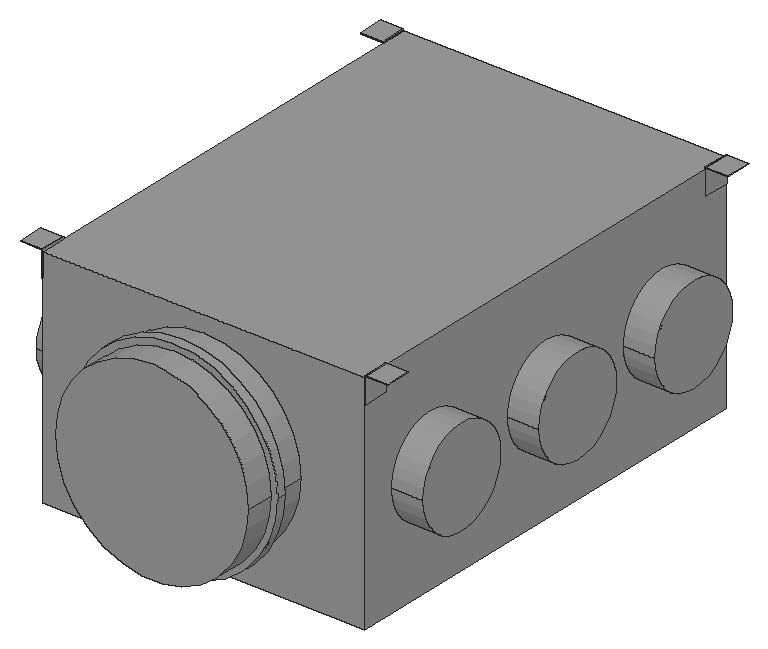
Revit family "FASU(F6-150 300Φ)", category ダクト付属品, Revit 2021
Family settings
  丸型コネクタ寸法 = 直径を使用
  パーツ タイプ = ダンパー
  OmniClass 番号 = 23.75.00.00
  OmniClass タイトル = Climate Control (HVAC)
  作業面ベース = いいえ
  常に垂直 = はい
  ロード時にボイドで切り取り = いいえ
  共有 = いいえ
Parameters
  高さ = 350 mm
  風量 = 0.0 L/s
  符号 = "FASU"
  形式 = "F6-150 300φ"
  幅 [instance] = 500 mm
  奥行き = 700 mm
  大きさ = 250 mm
  呼称 = "FASUチャンバー"
  付属品_下端レベル [instance] = 0 mm
  マテリアル [instance] = 既定値
  ダクト_イン = 300 mm
  ダクト_アウト = 150 mm
  既定の高さ = 0 mm
Reference planes
  plane 1 "中心(正面/背面)": y = 0
  plane 2: z = 0
  plane 3 "中心(左/右)": x = 0
  plane 4: x = -250
  plane 5: x = 250
  plane 6: y = -700
  plane 7: z = 350
  plane 8: z = 175
  plane 9: z = 266.963
  plane 10: z = 86.159
  plane 11: x = -251
  plane 12: z = 313.122
  plane 13: z = 352.122
  plane 14: y = -350
Forms (mm)
  Extrusion 1, solid, material "既定値" <- "マテリアル"
    sketch origin (0, 0, 0) x (1, 0, 0) y (0, 1, 0)
      loop
        line (-250, 0) -> (-250, -700) -> (250, -700) -> (250, 0) -> (-250, 0)
    from 0 to 350
  Extrusion 2, solid, material "既定値" <- "マテリアル"
    sketch origin (0, -30, 0) x (1, 0, 0) y (0, 1, 0)
      loop
        line (-250, 30) -> (-251, 30) -> (-251, -10) -> (-250, -10) -> (-250, 30)
    from 313.122 to 350
  Extrusion 3, solid, material "既定値" <- "マテリアル"
    sketch origin (0, -30, 0) x (1, 0, 0) y (0, 1, 0)
      loop
        line (-285, 30) -> (-285, -10) -> (-251, -10) -> (-251, 30) -> (-285, 30)
    from 352.122 to 350
  Extrusion 4, solid, material "既定値" <- "マテリアル"
    sketch origin (0, -30, 0) x (-1, 0, 0) y (0, -1, 0)
      loop
        line (-250, -30) -> (-250, 10) -> (-251, 10) -> (-251, -30) -> (-250, -30)
    from 313.122 to 353.122
  Extrusion 5, solid, material "既定値" <- "マテリアル"
    sketch origin (0, -30, 0) x (-1, 0, 0) y (0, -1, 0)
      loop
        line (-285, -30) -> (-251, -30) -> (-251, 10) -> (-285, 10) -> (-285, -30)
    from 352.122 to 353.122
  Extrusion 6, solid, material "既定値" <- "マテリアル"
    sketch origin (0, -490, 0) x (1, 0, 0) y (0, 1, 0)
      loop
        line (-285, -170) -> (-285, -210) -> (-251, -210) -> (-251, -170) -> (-285, -170)
    from 352.122 to 353.122
  Extrusion 7, solid, material "既定値" <- "マテリアル"
    sketch origin (0, -490, 0) x (1, 0, 0) y (0, 1, 0)
      loop
        line (-250, -170) -> (-251, -170) -> (-251, -210) -> (-250, -210) -> (-250, -170)
    from 313.122 to 353.122
  Extrusion 8, solid, material "既定値" <- "マテリアル"
    sketch origin (0, -490, 0) x (-1, 0, 0) y (0, -1, 0)
      loop
        line (-285, 170) -> (-251, 170) -> (-251, 210) -> (-285, 210) -> (-285, 170)
    from 352.122 to 353.122
  Extrusion 9, solid, material "既定値" <- "マテリアル"
    sketch origin (0, -490, 0) x (-1, 0, 0) y (0, -1, 0)
      loop
        line (-250, 170) -> (-250, 210) -> (-251, 210) -> (-251, 170) -> (-250, 170)
    from 313.122 to 353.122
  Extrusion 10, solid, material "既定値" <- "マテリアル"
    sketch origin (550, -582.5, 0) x (0, -1, 0) y (0, 0, -1)
      loop
        circle (-232.5, -175) r 74.985
    from -300 to -250
  Extrusion 11, solid, material "既定値" <- "マテリアル"
    sketch origin (-550, -582.5, 0) x (0, -1, 0) y (0, 0, 1)
      loop
        circle (-232.5, 175) r 74.985
    from -300 to -250
  Extrusion 12, solid, material "既定値" <- "マテリアル"
    sketch origin (0, -700, 0) x (1, 0, 0) y (0, 0, 1)
      loop
        circle (0, 175) r 150
    from 0 to 42.5
  Extrusion 13, solid, material "既定値" <- "マテリアル"
    sketch origin (0, -743, 0) x (1, 0, 0) y (0, 0, 1)
      loop
        circle (0, 175) r 160
    from -0.5 to 14.5
  Extrusion 14, solid, material "既定値" <- "マテリアル"
    sketch origin (0, -757.5, 0) x (1, 0, 0) y (0, 0, 1)
      loop
        circle (0, 175) r 150
    from 0 to 42.5
  Extrusion 15, solid, material "既定値" <- "マテリアル"
    sketch origin (550, -357.5, 0) x (0, -1, 0) y (0, 0, -1)
      loop
        circle (-232.5, -175) r 74.985
    from -300 to -250
  Extrusion 16, solid, material "既定値" <- "マテリアル"
    sketch origin (-550, -357.5, 0) x (0, -1, 0) y (0, 0, 1)
      loop
        circle (-232.5, 175) r 74.985
    from -300 to -250
  Extrusion 17, solid, material "既定値" <- "マテリアル"
    sketch origin (550, -142.5, 0) x (0, 1, 0) y (0, 0, 1)
      loop
        circle (-432.5, 175) r 74.985
    from -300 to -250
  Extrusion 18, solid, material "既定値" <- "マテリアル"
    sketch origin (0, -142.5, 0) x (0, 1, 0) y (0, 0, 1)
      loop
        circle (-432.5, 175) r 74.985
    from -300 to -250
Lines and regions (mm)
  model lines
    curve 1: line (-250, -30, 0) -> (250, -30, 0)
    curve 2: line (-250, -670, 0) -> (250, -670, 0)
Text (mm)
  text "FASU(F6-150 300Φ)" at (3.713, -630.412, 0), in view "参照レベル"
Dimensions and locks
  equal spacing: plane 4, plane 3 "中心(左/右)", plane 5
  "幅": plane 4 to plane 5
  "奥行き": plane 6 to plane 1 "中心(正面/背面)"
  "高さ": plane 7 to level
  equal spacing: plane 7, plane 8, level
  equal spacing: plane 6, plane 14, plane 1 "中心(正面/背面)"
  aligned and locked: level to plane 2
  aligned and locked: Extrusion 1 sketch curve to plane 5
  aligned and locked: plane 7 to Extrusion 1
  aligned and locked: Extrusion 2 sketch curve to Extrusion 1
  aligned and locked: plane 7 to Extrusion 2
  aligned and locked: Extrusion 3 sketch curve to Extrusion 2
  aligned and locked: Extrusion 2 to Extrusion 3 sketch curve
  aligned and locked: plane 7 to Extrusion 3
  aligned and locked: Extrusion 3 to plane 13
  aligned and locked: Extrusion 4 to Extrusion 5 sketch curve
  aligned and locked: Extrusion 5 sketch curve to Extrusion 4
  aligned and locked: Extrusion 1 to Extrusion 8
  aligned and locked: Extrusion 6 to Extrusion 1
  aligned and locked: Extrusion 7 to Extrusion 1
  aligned and locked: Extrusion 1 to Extrusion 9
  aligned and locked: Extrusion 9 to Extrusion 8
  aligned and locked: Extrusion 7 to Extrusion 6
  aligned and locked: plane 4 to Extrusion 7
  aligned and locked: Extrusion 9 to plane 5
  aligned and locked: plane 4 to curve 1
  aligned and locked: plane 5 to curve 1
  aligned and locked: plane 5 to curve 2
  aligned and locked: Extrusion 1 to Extrusion 3
  aligned and locked: Extrusion 5 to Extrusion 1
  aligned and locked: Extrusion 4 to plane 5
  aligned and locked: Extrusion 1 to plane 6
  aligned and locked: Extrusion 1 to plane 1 "中心(正面/背面)"
  aligned and locked: plane 6 to Extrusion 12
  aligned and locked: Extrusion 15 to plane 5
  aligned and locked: plane 4 to Extrusion 16
  aligned and locked: Extrusion 17 to plane 5
  aligned and locked: plane 4 to Extrusion 18
Automatic sketch dimensions
  curve 2 to plane 4 = 0 mm
  plane 6 to curve 2 = 30 mm
  plane 1 "中心(正面/背面)" to curve 1 = 30 mm
  Extrusion 1 sketch curve to plane 4 = 0 mm
  Extrusion 1 sketch curve to plane 6 = 0 mm
  plane 1 "中心(正面/背面)" to Extrusion 1 sketch curve = 0 mm
  plane 1 "中心(正面/背面)" to Extrusion 2 sketch curve = 0 mm
  Extrusion 2 sketch curve to plane 11 = 0 mm
  Extrusion 2 sketch curve to Extrusion 2 sketch curve = 40 mm
  plane 1 "中心(正面/背面)" to Extrusion 3 sketch curve = 0 mm
  Extrusion 3 sketch curve to Extrusion 3 sketch curve = 34 mm
  plane 1 "中心(正面/背面)" to Extrusion 4 sketch curve = 0 mm
  Extrusion 4 sketch curve to plane 5 = 0 mm
  Extrusion 4 sketch curve to Extrusion 4 sketch curve = 1 mm
  Extrusion 4 sketch curve to Extrusion 4 sketch curve = 40 mm
  plane 1 "中心(正面/背面)" to Extrusion 5 sketch curve = 0 mm
  Extrusion 5 sketch curve to Extrusion 5 sketch curve = 34 mm
  Extrusion 6 sketch curve to plane 6 = 0 mm
  Extrusion 6 sketch curve to plane 11 = 0 mm
  Extrusion 6 sketch curve to plane 11 = 34 mm
  plane 6 to Extrusion 6 sketch curve = 40 mm
  Extrusion 7 sketch curve to plane 11 = 0 mm
  Extrusion 7 sketch curve to plane 4 = 0 mm
  Extrusion 7 sketch curve to plane 6 = 0 mm
  plane 6 to Extrusion 7 sketch curve = 40 mm
  Extrusion 8 sketch curve to plane 6 = 0 mm
  Extrusion 8 sketch curve to plane 5 = 35 mm
  Extrusion 8 sketch curve to plane 5 = 1 mm
  Extrusion 8 sketch curve to Extrusion 8 sketch curve = 40 mm
  Extrusion 9 sketch curve to plane 6 = 0 mm
  Extrusion 9 sketch curve to plane 5 = 0 mm
  Extrusion 9 sketch curve to Extrusion 9 sketch curve = 1 mm
  Extrusion 9 sketch curve to Extrusion 9 sketch curve = 40 mm
  Extrusion 10 sketch curve to plane 8 = 0 mm
  Extrusion 10 sketch curve to plane 14 = 0 mm
  Extrusion 11 sketch curve to plane 8 = 0 mm
  Extrusion 11 sketch curve to plane 14 = 0 mm
  Extrusion 12 sketch curve to plane 3 "中心(左/右)" = 0 mm
  Extrusion 12 sketch curve to plane 8 = 0 mm
  Extrusion 13 sketch curve to plane 3 "中心(左/右)" = 0 mm
  Extrusion 13 sketch curve to plane 8 = 0 mm
  Extrusion 14 sketch curve to plane 3 "中心(左/右)" = 0 mm
  Extrusion 14 sketch curve to plane 8 = 0 mm
  Extrusion 15 sketch curve to plane 8 = 0 mm
  plane 1 "中心(正面/背面)" to Extrusion 15 sketch curve = 125 mm
  Extrusion 16 sketch curve to plane 8 = 0 mm
  plane 1 "中心(正面/背面)" to Extrusion 16 sketch curve = 125 mm
  Extrusion 17 sketch curve to plane 8 = 0 mm
  plane 6 to Extrusion 17 sketch curve = 125 mm
  Extrusion 18 sketch curve to plane 8 = 0 mm
  plane 6 to Extrusion 18 sketch curve = 125 mm
  radius of Extrusion 10 sketch curve = 74.985 mm
  radius of Extrusion 11 sketch curve = 74.985 mm
  radius of Extrusion 12 sketch curve = 150 mm
  radius of Extrusion 13 sketch curve = 160 mm
  radius of Extrusion 14 sketch curve = 150 mm
  radius of Extrusion 15 sketch curve = 74.985 mm
  radius of Extrusion 16 sketch curve = 74.985 mm
  radius of Extrusion 17 sketch curve = 74.985 mm
  radius of Extrusion 18 sketch curve = 74.985 mm
Connectors
  hvac at (-300, -575, 175), driven by "ダクト_アウト"
    settings: on Extrusion 18, index 1, duct flow 0.0 L/s, flow factor 0, pres drop 0.0 Pa, loss coef 0, conn angle 0.00°, conn width 304.8 mm, conn height 304.8 mm, conn diameter 150 mm, duct sys type 29, conn prof type 0, flow config 0, flow direction 2, loss method 0, conn ref index -1, conn util no, is conn primary yes, conn desc ""
  hvac at (-300, -350, 175), driven by "ダクト_アウト"
    settings: on Extrusion 11, index 2, duct flow 0.0 L/s, flow factor 0, pres drop 0.0 Pa, loss coef 0, conn angle 0.00°, conn width 304.8 mm, conn height 304.8 mm, conn diameter 150 mm, duct sys type 29, conn prof type 0, flow config 0, flow direction 2, loss method 0, conn ref index -1, conn util no, is conn primary no, conn desc ""
  hvac at (-300, -125, 175), driven by "ダクト_アウト"
    settings: on Extrusion 16, index 3, duct flow 0.0 L/s, flow factor 0, pres drop 0.0 Pa, loss coef 0, conn angle 0.00°, conn width 304.8 mm, conn height 304.8 mm, conn diameter 150 mm, duct sys type 29, conn prof type 0, flow config 0, flow direction 2, loss method 0, conn ref index -1, conn util no, is conn primary no, conn desc ""
  hvac at (300, -575, 175), driven by "ダクト_アウト"
    settings: on Extrusion 17, index 4, duct flow 0.0 L/s, flow factor 0, pres drop 0.0 Pa, loss coef 0, conn angle 0.00°, conn width 304.8 mm, conn height 304.8 mm, conn diameter 150 mm, duct sys type 29, conn prof type 0, flow config 0, flow direction 2, loss method 0, conn ref index -1, conn util no, is conn primary no, conn desc ""
  hvac at (300, -350, 175), driven by "ダクト_アウト"
    settings: on Extrusion 10, index 5, duct flow 0.0 L/s, flow factor 0, pres drop 0.0 Pa, loss coef 0, conn angle 0.00°, conn width 304.8 mm, conn height 304.8 mm, conn diameter 150 mm, duct sys type 29, conn prof type 0, flow config 0, flow direction 2, loss method 0, conn ref index -1, conn util no, is conn primary no, conn desc ""
  hvac at (300, -125, 175), driven by "ダクト_アウト"
    settings: on Extrusion 15, index 6, duct flow 0.0 L/s, flow factor 0, pres drop 0.0 Pa, loss coef 0, conn angle 0.00°, conn width 304.8 mm, conn height 304.8 mm, conn diameter 150 mm, duct sys type 29, conn prof type 0, flow config 0, flow direction 2, loss method 0, conn ref index -1, conn util no, is conn primary no, conn desc ""
  hvac at (0, -800, 175), driven by "ダクト_イン"
    settings: on Extrusion 14, index 7, duct flow 0.0 L/s, flow factor 0, pres drop 0.0 Pa, loss coef 0, conn angle 0.00°, conn width 304.8 mm, conn height 304.8 mm, conn diameter 300 mm, duct sys type 1, conn prof type 0, flow config 0, flow direction 1, loss method 0, conn ref index -1, conn util no, is conn primary no, conn desc ""
